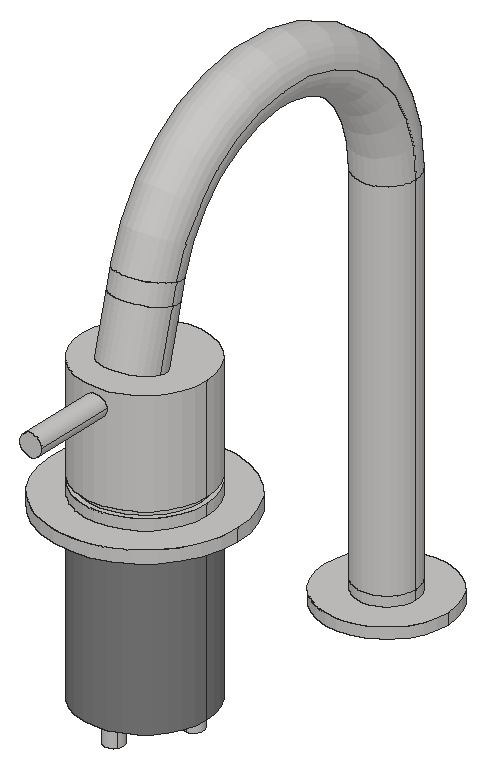
Revit family "590B", category Plumbing Fixtures, Revit 2021
Family settings
  Round Connector Dimension = Use Diameter
  Part Type = Normal
  Work Plane-Based = No
  Always vertical = Yes
  Cut with Voids When Loaded = No
  Shared = No
  Room Calculation Point = No
Parameters
  e-mail = "info@vola.com"
  URL = "http://vola.com"
  Telephone = "+45 7023 5500"
  Quality management standard = "ISO 9001"
  Organisation no. / DUNS no. = "17531328"
  Occupational health and safety management standard = "ISO 18001"
  Mounting Instructions = "http://vola.com/service/producturl.ashx?name=590B"
  Model = "590B"
  Materials and components information = "http://vola.com/service/producturl.ashx?name=590B"
  Manufacturer = "VOLA A/S"
  Maintenance Instructions = "http://vola.com/service/producturl.ashx?name=590B"
  Guarantee = "2 years"
  Flow = "9,00 l/min"
  Environmental management standard = "ISO 14000"
  Default Elevation = 0.00 mm
  Connection - All relevant connections = "10mm flexible hose"
  Approvals = "http://vola.com/service/producturl.ashx?name=590B"
Reference planes
  plane 1 "Center (Front/Back)": y = 0
  plane 2: z = 0
  plane 3 "Center (Left/Right)": x = 0
Dimensions and locks
  aligned and locked: plane 2 to level
Nested families
  nested 1: "090B" at (0, 0, 0), type "090B"
  nested 2: "500" at (-78, 0, 0), type "500"
Connectors
  piping at (-88.825, 6.25, -63), diameter 6
    settings: on nested 2, index 1, connector inside diameter 0.23622", connector length 0.00 mm, flow factor 0, pipe flow 0 GPM, pressure drop 0.00 psi, fitting loss kfactor 0, connector angle 0.00°, fixture units 0, engagement length 0.00 mm, angle of deflection 0.00°, flow configuration 0, flow direction 1, fitting loss method 0, system type 19, joint type 0, gender type 0, connector reference index -1, connector utility 0, adjustable connector no, is connector primary yes, connector description ""
  piping at (-67.175, 6.25, -63), diameter 6
    settings: on nested 2, index 2, connector inside diameter 0.23622", connector length 0.00 mm, flow factor 0, pipe flow 0 GPM, pressure drop 0.00 psi, fitting loss kfactor 0, connector angle 0.00°, fixture units 0, engagement length 0.00 mm, angle of deflection 0.00°, flow configuration 0, flow direction 1, fitting loss method 0, system type 20, joint type 0, gender type 0, connector reference index -1, connector utility 0, adjustable connector no, is connector primary no, connector description ""
Definition of nested family "090B"
  Parameters
    e-mail = "info@vola.com"
    URL = "http://vola.com"
    Telephone = "+45 7023 5500"
    Quality management standard = "ISO 9001"
    Organisation no. / DUNS no. = "17531328"
    Occupational health and safety management standard = "ISO 18001"
    Mounting Instructions = "http://vola.com/service/producturl.ashx?name=090B"
    Model = "090B"
    Materials and components information = "http://vola.com/service/producturl.ashx?name=090B"
    Manufacturer = "VOLA A/S"
    Maintenance Instructions = "http://vola.com/service/producturl.ashx?name=090B"
    Guarantee = "2 years"
    Environmental management standard = "ISO 14000"
    Default Elevation = 0.00 mm
    Connection - All relevant connections = ""
    Approvals = "http://vola.com/service/producturl.ashx?name=090B"
  Reference planes
    plane 1 "Center (Front/Back)": y = 0
    plane 2: z = 0
    plane 3 "Center (Left/Right)": x = 0
  Forms (mm)
    Sweep 1, solid
      path origin (0, 0, 0) x (0, 1, 0) y (0, 0, 1)
        loop
          line (0, 6.5) -> (0, 125)
          arc (0, 125) -> (-42.604, 173.581) -> (-96.33, 137.682) r 49
          line (-96.33, 137.682) -> (-97.987, 131.5)
      profile origin (0, 0, 65.75) x (0, -1, 0) y (1, 0, 0)
        loop
          circle (0, 0) r 9.5
    Extrusion 2, solid
      sketch origin (0, 0, 0) x (1, 0, 0) y (0, 1, 0)
        loop
          circle (0, 0) r 20
      from 0 to 3.5
    Extrusion 3, solid
      sketch origin (0, 0, 3.5) x (1, 0, 0) y (0, 1, 0)
        loop
          circle (0, 0) r 9.5
      from 0 to 3
    Extrusion 4, solid
      sketch origin (0, -97.987, 131.5) x (1, 0, 0) y (0, -0.965926, 0.258819)
        loop
          circle (0, 0) r 9.5
      from 0 to 18.5
  Cuts and joins
    joined: Sweep 1, Extrusion 2
  Dimensions and locks
    aligned and locked: plane 2 to level
Definition of nested family "500"
  Parameters
    e-mail = "info@vola.com"
    URL = "http://vola.com"
    Telephone = "+45 7023 5500"
    Quality management standard = "ISO 9001"
    Organisation no. / DUNS no. = "17531328"
    Occupational health and safety management standard = "ISO 18001"
    Mounting Instructions = "http://vola.com/service/producturl.ashx?name=500"
    Model = "500"
    Materials and components information = "http://vola.com/service/producturl.ashx?name=500"
    Manufacturer = "VOLA A/S"
    Maintenance Instructions = "http://vola.com/service/producturl.ashx?name=500"
    Guarantee = "2 years"
    Flow = "14,50 l/min"
    Environmental management standard = "ISO 14000"
    Default Elevation = 0.00 mm
    Connection - All relevant connections = "10mm flexible hose"
    Approvals = "http://vola.com/service/producturl.ashx?name=500"
  Reference planes
    plane 1 "Center (Front/Back)": y = 0
    plane 2: z = 0
    plane 3 "Center (Left/Right)": x = 0
  Forms (mm)
    Extrusion 1, solid
      sketch origin (0, 0, 0) x (1, 0, 0) y (0, 1, 0)
        loop
          circle (0, 0) r 30
      from 0 to 4
    Extrusion 2, solid
      sketch origin (0, 0, 7.5) x (1, 0, 0) y (0, 1, 0)
        loop
          circle (0, 0) r 18.25
      from 0 to 2
    Extrusion 3, solid
      sketch origin (0, 0, 9.5) x (1, 0, 0) y (0, 1, 0)
        loop
          circle (0, 0) r 20
      from 0 to 33.5
    Extrusion 4, solid
      sketch origin (0, 0, 3.25) x (1, 0, 0) y (0, 0, 1)
        loop
          circle (0, 34.5) r 3.5
      from 0 to 46
    Extrusion 5, solid
      sketch origin (0, 0, 0) x (0, 1, 0) y (1, 0, 0)
        loop
          circle (0, 0) r 20
      from 0 to 55
    Extrusion 6, solid
      sketch origin (0, 0, -55) x (0, 1, 0) y (1, 0, 0)
        loop
          circle (6.25, 10.825) r 3
        loop
          circle (6.25, -10.825) r 3
        loop
          circle (-12.5, 0) r 3
      from 0 to 8
    Extrusion 7, solid
      sketch origin (0, 0, 4) x (1, 0, 0) y (0, 1, 0)
        loop
          circle (0, 0) r 20
      from 0 to 3.5
  Cuts and joins
    joined: Extrusion 3, Extrusion 4
  Lines and regions (mm)
    model lines
      curve 1: line (6.05, -19.063, 43) -> (6.05, 19.063, 43)
      curve 2: line (-6.05, -19.063, 43) -> (-6.05, 19.063, 43)
    reference lines
      curve 3: line (-10.825, 6.25, -55) -> (-10.825, 6.25, -80)
      curve 4: line (10.825, 6.25, -55) -> (10.825, 6.25, -80)
  Dimensions and locks
    aligned and locked: plane 2 to level
